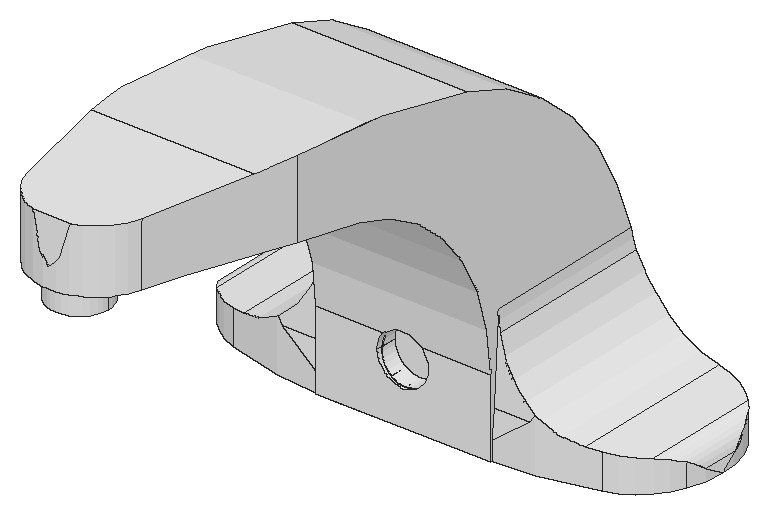
Revit family
Parameters (values of type "6055.205")
  Width = 6 1/8"
  Waste Connection = no
  Vent Connection = no
  URL = "http://www.americanstandard-us.com"
  Product Page URL = "http://www.americanstandard-us.com/commercial-faucets/Innsbrook-Selectronic-Centerset-Proximity-Faucet-1-5-gpm-1628/"
  Product Documentation Link = "http://www.americanstandard-us.com/assets/documents/amstd/spec/SpecSheet_1628.pdf"
  Price = "Prices may vary. Please consult Manufacturer Representative for most up-to-date price list."  # constant formula
  Phone Number = "416-250-5656"  # constant formula
  Omniclass Table 23 Title = "Single Faucets"  # constant formula
  Omniclass Table 23 Code = "23.45.55.14"  # constant formula
  Model = "6055.205"
  Material = Metal-American Standard-002-Polished Chrome
  Masterformat Title = "Residential Faucets, Supplies, and Trim"  # constant formula
  Masterformat Number = "22 41 39"  # constant formula
  Manufacturer = "American Standard"
  Length = 6 7/8"
  Installation Type = "Deck Mounted"
  Height = 4 7/8"
  HW Connection = no
  Flow Rate = "0.5 GPM (1.8 L/min)"
  Description = "DC Powered, single outlet with cast spout. pressure compensating, vandal-resistant non-aerated spray. Battery included."
  Default Elevation = 0"
  Creation Date = "6/11/2014"  # constant formula
  Created By = "Allied Technical Services"  # constant formula
  CW Connection = no
  Assembly Code = "D2020300"
  ATS URL = "http://www.atsspec.net"
  ADA Compliant = yes
Types (9): name | Model | Flow Rate | Description
  (no name) | "6055.205" | "0.5 GPM (1.8 L/min)" | "DC Powered, single outlet with cast spout. pressure compensating, vandal-resistant non-aerated spray. Battery included."
  6055.205 | "6055.205" | "0.5 GPM (1.8 L/min)" | "DC Powered, single outlet with cast spout. pressure compensating, vandal-resistant non-aerated spray. Battery included."
  6055.202 | "6055.202" | "1.5 GPM (5.7 L/min)" | "DC Powered, single outlet with cast spout. pressure compensating, vandal-resistant non-aerated spray. Battery included."
  6056.205 | "6056.205" | "0.5 GPM (1.8 L/min)" | "Plu-In AC Powered, single outlet with cast spout. pressure compensating, vandal-resistant non-aerated spray. Includes plug-in AC power supply."
  6056.202 | "6056.202" | "1.5 GPM (5.7 L/min)" | "Plug-in AC Powered, single outlet with cast spout. pressure compensating, vandal-resistant non-aerated spray. Includes Plug-in AC power supply."
  6059.205 | "6059.205" | "0.5 GPM (1.8 L/min)" | "Hard-wired AC powered,, single outlet with cast spout. pressure compensating, vandal-resistant non-aerated spray. Includes UL-approved hard-wired AC transformer."
  6059.202 | "6059.202" | "1.5 GPM (5.7 L/min)" | "Multi-powered, single outlet with cast spout. pressure compensating, vandal-resistant spray. One power supple or transformer (sold separately) can operate up to 15 faucets and/or flush valves. 10' extension cable included."
  6057.205 | "6057.205" | "0.5 GPM (1.8 L/min)" | "Multi-powered, single outlet with cast spout. pressure compensating, vandal-resistant spray. One power supple or transformer (sold separately) can operate up to 15 faucets and/or flush valves. 10' extension cable included."
  6057.202 | "6057.202" | "1.5 GPM (5.7 L/min)" | "Hard-wired AC powered, single outlet with cast spout. pressure compensating, vandal-resistant non-aerated spray. Includes UL-approved hard-wired AC transformer."
Reference planes (in)
  plane 1 "Center (Front/Back)": y = 0
  plane 2: z = 0
  plane 3 "Center (Left/Right)": x = 0
  plane 4: z = 3.75
  plane 5: x = -3.0625
  plane 6: x = 3.0625
  plane 7: z = 4.875
  plane 8: y = -6.375
  plane 9: y = -6.875
Forms (in)
  Extrusion 1, solid, material "Metal-American Standard-002-Polished Chrome" <- "Material"
    sketch origin (-0.00331, -0.07782, 0) x (0, 1, 0) y (0, 0, 1)
      loop
        arc (1.00268, 1.93983) -> (0.94279, 2.10669) -> (0.8766, 2.27115) r 4.65685
        arc (0.8766, 2.27115) -> (-0.08225, 3.60667) -> (-1.52023, 4.40367) r 3.75
        arc (-1.52023, 4.40367) -> (-3.14538, 4.75657) -> (-4.80418, 4.875) r 11.67611
        line (-4.80418, 4.875) -> (-6.74286, 4.875) -> (-6.79748, 4.09389)
        arc (-6.79748, 4.09389) -> (-6.7888, 4.07006) -> (-6.76527, 4.06059) r 0.03115
        arc (-6.76527, 4.06059) -> (-5.98547, 4.06072) -> (-5.20774, 4.00387) r 10.66634
        arc (-5.20774, 4.00387) -> (-4.21827, 3.86334) -> (-3.23962, 3.66071) r 15.84255
        arc (-3.23962, 3.66071) -> (-1.72967, 2.69397) -> (-1.14229, 1) r 2.73638
        line (-1.14229, 1) -> (-1.14229, 0) -> (1.24837, 0) -> (1.24837, 0.59893)
        arc (1.24837, 0.59893) -> (1.19509, 1.15053) -> (1.09131, 1.6949) r 6.02011
        arc (1.09131, 1.6949) -> (1.04566, 1.81688) -> (1.00268, 1.93983) r 6.01006
    from -1.11227 to 1.11889
  Extrusion 2, void
    sketch origin (0, -1.45282, 0) x (-1, 0, 0) y (0, -1, 0)
      loop
        line (-1.68432, 1.28504) -> (-1.17477, 1.28504) -> (-1.17477, 1.67108)
        arc (-1.17477, 1.67108) -> (-1.06526, 3.27376) -> (-0.73876, 4.84664) r 11.78189
        arc (-0.73876, 4.84664) -> (0, 5.40702) -> (0.73876, 4.84664) r 0.76715
        arc (0.73876, 4.84664) -> (1.06526, 3.27376) -> (1.17477, 1.67108) r 11.78189
        line (1.17477, 1.67108) -> (1.17477, 1.28504) -> (1.68432, 1.28504) -> (1.68432, 5.6163) -> (-1.68432, 5.6163) -> (-1.68432, 1.28504)
    from 2.52206 to 5.51314
  Extrusion 3, solid, material "Metal-American Standard-002-Polished Chrome" <- "Material"
    sketch origin (0, -0.07782, 0) x (1, 0, 0) y (0, 1, 0)
      loop
        arc (-2.8935, 0.74533) -> (-3.06062, 0.21437) -> (-2.97002, -0.33486) r 1.19926
        arc (-2.97002, -0.33486) -> (-2.72139, -0.68918) -> (-2.34806, -0.90823) r 1.01833
        arc (-2.34806, -0.90823) -> (-1.64377, -1.07934) -> (-0.92144, -1.13881) r 4.64471
        line (-0.92144, -1.13881) -> (0.92144, -1.13881)
        arc (0.92144, -1.13881) -> (1.64377, -1.07934) -> (2.34806, -0.90823) r 4.64471
        arc (2.34806, -0.90823) -> (2.72139, -0.68918) -> (2.97002, -0.33486) r 1.01833
        arc (2.97002, -0.33486) -> (3.06062, 0.21437) -> (2.8935, 0.74533) r 1.19926
        arc (2.8935, 0.74533) -> (2.5538, 1.05028) -> (2.11602, 1.17965) r 1.03613
        arc (2.11602, 1.17965) -> (-0.0037, 1.24866) -> (-2.1234, 1.17914) r 32.46717
        arc (-2.1234, 1.17914) -> (-2.55703, 1.04847) -> (-2.8935, 0.74533) r 1.03613
    from 0 to 1.6949
  Extrusion 4, void
    sketch origin (0, -0.07782, 0) x (1, 0, 0) y (0, 0, 1)
      loop
        line (-3.06362, 0) -> (-3.04025, 0.14757)
        arc (-3.04025, 0.14757) -> (-2.95269, 0.31576) -> (-2.78155, 0.39739) r 0.29879
        line (-2.78155, 0.39739) -> (-2.17898, 0.47138)
        arc (-2.17898, 0.47138) -> (-1.50331, 0.786) -> (-1.1409, 1.43729) r 1.208
        arc (-1.1409, 1.43729) -> (-1.12288, 1.56549) -> (-1.11889, 1.6949) r 1.18906
        line (-1.11889, 1.6949) -> (-1.11889, 1.78653) -> (-3.25486, 1.78653) -> (-3.25486, 0) -> (-3.06362, 0)
      loop
        line (3.06362, 0) -> (3.25486, 0) -> (3.25486, 1.78653) -> (1.11889, 1.78653) -> (1.11889, 1.6949)
        arc (1.11889, 1.6949) -> (1.12288, 1.56549) -> (1.1409, 1.43729) r 1.18906
        arc (1.1409, 1.43729) -> (1.50331, 0.786) -> (2.17898, 0.47138) r 1.208
        line (2.17898, 0.47138) -> (2.78155, 0.39739)
        arc (2.78155, 0.39739) -> (2.95269, 0.31576) -> (3.04025, 0.14757) r 0.29879
        line (3.04025, 0.14757) -> (3.06362, 0)
    from -1.24472 to 1.22982
  Extrusion 5, void
    sketch origin (0, -0.07782, 0) x (0, 1, 0) y (0, 0, 1)
      loop
        arc (1.0548, 1.83979) -> (1.22282, 0.92738) -> (1.24866, 0) r 6.02011
        line (1.24866, 0) -> (1.35443, 0) -> (1.35443, 1.83979) -> (1.0548, 1.83979)
      loop
        line (-1.01771, 1.80473) -> (-1.24453, 1.80473) -> (-1.24453, 0) -> (-1.1487, 0) -> (-1.09009, 0.59673)
        arc (-1.09009, 0.59673) -> (-1.0424, 1.20004) -> (-1.01771, 1.80473) r 15.89699
    from -3.3959 to 3.9549
  Extrusion 6, void
    sketch origin (-11.50272, -0.07782, 0) x (1, 0, 0) y (0, 0, 1)
      loop
        circle (11.50272, 0.78327) r 0.3307
    from 0.86185 to 1.24732
  Extrusion 7, solid, material "Metal-American Standard-002-Polished Chrome" <- "Material"
    sketch origin (0, -1.65731, 0) x (1, 0, 0) y (0, 1, 0)
      loop
        circle (0, -4.71769) r 0.375
    from 3.75 to 4.62195
Cuts and joins
  Extrusion 4, Extrusion 5, Extrusion 6 cuts Extrusion 3
  Extrusion 2, Extrusion 6 cuts Extrusion 1
  joined: Extrusion 1, Extrusion 7
Dimensions and locks (in)
  plane 4 to level = 3 3/4"
  plane 7 to level = 4 7/8"
  plane 8 to plane 1 "Center (Front/Back)" = 6 3/8"
  plane 1 "Center (Front/Back)" to plane 9 = 6 7/8"
